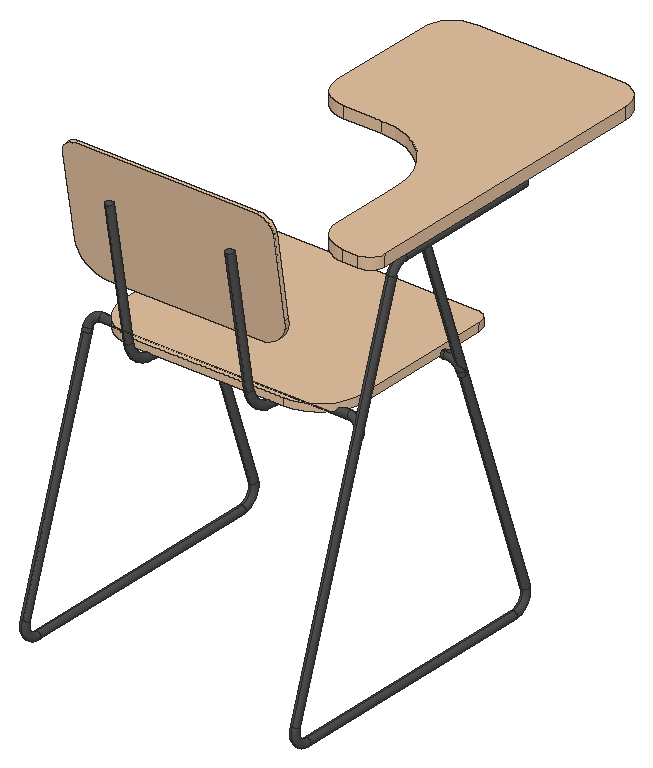
Revit family "825ee531e4d64843b62860ed54b4e874", category Furniture, Revit 2021
Family settings
  OmniClass Number = 23.40.20.14.14.11
  OmniClass Title = Chairs
  Seek Item ID = Chair-Tablet Arm-0000-USA-ENU
  Work Plane-Based = No
  Always vertical = Yes
  Cut with Voids When Loaded = No
  Shared = Yes
  Room Calculation Point = No
Parameters (values of type "Chair-Tablet Arm")
  Default Elevation = 0' - 0"
  Assembly Code = "E2020200"
  Seat/Back Material = Cherry
  Tablet Material = Cherry
Reference planes (in)
  plane 1 "Center (Front/Back)": y = 4.28864
  plane 2: z = 0
  plane 3 "Center (Left/Right)": x = -7.04918
  plane 4: x = 1.95082
  plane 5: x = -16.04918
  plane 6: y = 0.28864
  plane 7: y = 14.28864
  plane 8: y = -5.71136
  plane 9: y = 8.28864
  plane 10 "Top": z = 30.75
  plane 11: z = 17.5
  plane 12: z = 16.5
  plane 13: y = -0.05919
  plane 14: y = 8.63239
  plane 15: through (0, -5.1106, 1.75221) normal (0, -0.9459, 0.3243)
  plane 16: through (0, 12.78567, 4.38366) normal (0, -0.9459, -0.3243)
  plane 17: z = 16.5
  plane 18: y = 8.63239
  plane 19: y = -0.05511
  plane 20: through (0, 0.68926, 0.12154) normal (0, -0.9848, -0.1736)
  plane 21 "Seat": z = 18
  plane 22: x = -3.04918
  plane 23: x = -11.04918
  plane 24: z = 27.75
  plane 25: z = 27.75
  plane 26: y = 22.95594
  plane 27: x = 9.5
  plane 28: x = 13.5
  plane 29 "Table": z = 26.75
Forms (in)
  Sweep 1, solid, material "Steel, Chrome Plated"
    path origin (1.95082, 0, 0) x (0, -1, 0) y (0, 0, 1)
      loop
        line (-5.58325, 25.62147) -> (-13.82647, 1.57875)
        arc (-13.82647, 1.57875) -> (-13.69714, 0.67067) -> (-12.88205, 0.25) r 1
        line (-12.88205, 0.25) -> (4.30476, 0.25)
        arc (4.30476, 0.25) -> (5.11849, 0.66876) -> (5.2507, 1.57432) r 1
        line (5.2507, 1.57432) -> (-2.76237, 24.94579)
        arc (-2.76237, 24.94579) -> (-3.12708, 25.4352) -> (-3.70832, 25.62147) r 1
        line (-3.70832, 25.62147) -> (-13.80537, 25.62147)
    profile origin (1.95082, 4.28865, 0) x (0, 0, 1) y (-1, 0, 0)
      loop
        circle (0.25, 0) r 0.25
  Sweep 2, solid, material "Steel, Chrome Plated"
    path origin (-16.04918, 0, 0) x (0, -1, 0) y (0, 0, 1)
      loop
        line (-8.63159, 16.49972) -> (-13.74887, 1.57432)
        arc (-13.74887, 1.57432) -> (-13.61666, 0.66876) -> (-12.80293, 0.25) r 1
        line (-12.80293, 0.25) -> (4.22565, 0.25)
        arc (4.22565, 0.25) -> (5.03938, 0.66876) -> (5.17159, 1.57432) r 1
        line (5.17159, 1.57432) -> (0.05511, 16.4974)
    profile origin (-16.04918, 4.28864, 0) x (0, 0, 1) y (-1, 0, 0)
      loop
        circle (0.25, 0) r 0.25
  Sweep 3, solid, material "Steel, Chrome Plated"
    path origin (0, -5.1106, 1.75221) x (0, -0.324324, -0.945946) y (1, 0, 0)
      loop
        line (-15.59002, 1.95082) -> (-15.85414, 1.95082)
        arc (-15.85414, 1.95082) -> (-16.38447, 1.73115) -> (-16.60414, 1.20082) r 0.75
        line (-16.60414, 1.20082) -> (-16.60414, -15.29918)
        arc (-16.60414, -15.29918) -> (-16.38447, -15.82951) -> (-15.85414, -16.04918) r 0.75
        line (-15.85414, -16.04918) -> (-15.58777, -16.04918)
    profile origin (-7.04918, -5.1106, 1.75221) x (0, -0.324324, -0.945946) y (0, -0.945946, 0.324324)
      loop
        circle (-16.60414, 0) r 0.25
  Sweep 4, solid, material "Steel, Chrome Plated"
    path origin (0, 12.78567, 4.38366) x (0, 0.324324, -0.945946) y (1, 0, 0)
      loop
        line (-12.80958, 1.95082) -> (-13.16539, 1.95082)
        arc (-13.16539, 1.95082) -> (-13.69572, 1.73115) -> (-13.91539, 1.20082) r 0.75
        line (-13.91539, 1.20082) -> (-13.91539, -15.04918)
        arc (-13.91539, -15.04918) -> (-13.62249, -15.75629) -> (-12.91539, -16.04918) r 1
        line (-12.91539, -16.04918) -> (-12.80841, -16.04918)
    profile origin (-6.92418, 12.78567, 4.38366) x (0, 0.324324, -0.945946) y (0, -0.945946, -0.324324)
      loop
        circle (-13.91539, 0) r 0.25
  Extrusion 5, solid, material "Cherry" <- "Seat/Back Material"
    sketch origin (0, 0.68926, 0.12154) x (0, 0.173648, -0.984808) y (1, 0, 0)
      loop
        arc (-31.16548, -13.04918) -> (-30.87259, -13.75629) -> (-30.16548, -14.04918) r 1
        line (-30.16548, -14.04918) -> (-24.53945, -14.04918)
        arc (-24.53945, -14.04918) -> (-23.12523, -13.46339) -> (-22.53945, -12.04918) r 2
        line (-22.53945, -12.04918) -> (-22.53945, -2.04918)
        arc (-22.53945, -2.04918) -> (-23.12523, -0.63497) -> (-24.53945, -0.04918) r 2
        line (-24.53945, -0.04918) -> (-30.16548, -0.04918)
        arc (-30.16548, -0.04918) -> (-30.87259, -0.34207) -> (-31.16548, -1.04918) r 1
        line (-31.16548, -1.04918) -> (-31.16548, -13.04918)
    from 0 to -0.25
  Extrusion 6, solid, material "Cherry" <- "Seat/Back Material"
    sketch origin (0, 0, 18) x (1, 0, 0) y (0, 1, 0)
      loop
        arc (-14.04918, 12.28864) -> (-14.75629, 11.99575) -> (-15.04918, 11.28864) r 1
        line (-15.04918, 11.28864) -> (-15.04918, 1.78864)
        arc (-15.04918, 1.78864) -> (-14.1705, -0.33268) -> (-12.04918, -1.21136) r 3
        line (-12.04918, -1.21136) -> (-2.04918, -1.21136)
        arc (-2.04918, -1.21136) -> (0.07214, -0.33268) -> (0.95082, 1.78864) r 3
        line (0.95082, 1.78864) -> (0.95082, 11.28864)
        arc (0.95082, 11.28864) -> (0.65793, 11.99575) -> (-0.04918, 12.28864) r 1
        line (-0.04918, 12.28864) -> (-14.04918, 12.28864)
    from -0.5 to 0
  Sweep 7, solid, material "Steel, Chrome Plated"
    path origin (-3.04918, 0, 0) x (0, -1, 0) y (0, 0, 1)
      loop
        line (-8.39629, 17.25) -> (0.9066, 17.25)
        arc (0.9066, 17.25) -> (2.19218, 17.71791) -> (2.87622, 18.9027) r 2
        line (2.87622, 18.9027) -> (4.43624, 27.75)
    profile origin (-3.04918, 3.74484, 0) x (0, 0, 1) y (-1, 0, 0)
      loop
        circle (17.25, 0) r 0.25
  Sweep 8, solid, material "Steel, Chrome Plated"
    path origin (-11.04918, 0, 0) x (0, -1, 0) y (0, 0, 1)
      loop
        line (-8.39629, 17.25) -> (0.9066, 17.25)
        arc (0.9066, 17.25) -> (2.19218, 17.71791) -> (2.87622, 18.9027) r 2
        line (2.87622, 18.9027) -> (4.44782, 27.81571)
    profile origin (-11.04918, 3.74484, 0) x (0, 0, 1) y (-1, 0, 0)
      loop
        circle (17.25, 0) r 0.25
  Extrusion 9, solid, material "Cherry" <- "Tablet Material"
    sketch origin (-11.19326, 0.78864, 0) x (1, 0, 0) y (0, 1, 0)
      loop
        arc (2, 22.95594) -> (0.58579, 22.37015) -> (0, 20.95594) r 2
        line (0, 20.95594) -> (0, 13.90733)
        arc (0, 13.90733) -> (0.58579, 12.49312) -> (2, 11.90733) r 2
        line (2, 11.90733) -> (4.5, 11.90733)
        arc (4.5, 11.90733) -> (8.03553, 10.44287) -> (9.5, 6.90733) r 5
        line (9.5, 6.90733) -> (9.5, 2)
        arc (9.5, 2) -> (10.08579, 0.58579) -> (11.5, 0) r 2
        line (11.5, 0) -> (12.5, 0)
        arc (12.5, 0) -> (13.20711, 0.29289) -> (13.5, 1) r 1
        line (13.5, 1) -> (13.5, 20.95594)
        arc (13.5, 20.95594) -> (12.91421, 22.37015) -> (11.5, 22.95594) r 2
        line (11.5, 22.95594) -> (2, 22.95594)
    from 26 to 26.75
Lines and regions (in)
  Masking region 1
    outline origin (0, 0, 30.75) x (-1, 0, 0) y (0, -1, 0)
      loop
        arc (13.54918, 2.81292) -> (13.90273, 2.95936) -> (14.04918, 3.31292) r 0.5
        line (14.04918, 3.31292) -> (14.04918, 4.47199)
        arc (14.04918, 4.47199) -> (13.90273, 4.82554) -> (13.54918, 4.97199) r 0.5
        line (13.54918, 4.97199) -> (0.54918, 4.97199)
        arc (0.54918, 4.97199) -> (0.19563, 4.82554) -> (0.04918, 4.47199) r 0.5
        line (0.04918, 4.47199) -> (0.04918, 3.31292)
        arc (0.04918, 3.31292) -> (0.19563, 2.95936) -> (0.54918, 2.81292) r 0.5
        line (0.54918, 2.81292) -> (13.54918, 2.81292)
  Masking region 2
    outline origin (0, 0, 18) x (1, 0, 0) y (0, 1, 0)
      loop
        arc (-2.04918, -1.21136) -> (0.07214, -0.33268) -> (0.95082, 1.78864) r 3
        line (0.95082, 1.78864) -> (0.95082, 11.28864)
        arc (0.95082, 11.28864) -> (0.65793, 11.99575) -> (-0.04918, 12.28864) r 1
        line (-0.04918, 12.28864) -> (-4.71654, 12.28864) -> (-14.04918, 12.28864)
        arc (-14.04918, 12.28864) -> (-14.75629, 11.99575) -> (-15.04918, 11.28864) r 1
        line (-15.04918, 11.28864) -> (-15.04918, 8.5969) -> (-15.79918, 8.5969) -> (-15.79918, 13.91262) -> (-16.401, 13.91262) -> (-16.401, -5.294) -> (-15.79918, -5.294) -> (-15.79918, 1.78864) -> (-15.04918, 1.78864)
        arc (-15.04918, 1.78864) -> (-14.1705, -0.33268) -> (-12.04918, -1.21136) r 3
        line (-12.04918, -1.21136) -> (-2.04918, -1.21136)
      loop
        line (-15.04918, 2.45844) -> (-15.04918, 8.00492) -> (-15.79918, 8.00492) -> (-15.79918, 2.45844) -> (-15.04918, 2.45844)
      loop
        line (2.30674, -5.294) -> (2.30674, 1.78864)
        arc (2.30674, 1.78864) -> (2.14163, 1.23822) -> (1.70082, 0.86956) r 1
        line (1.70082, 0.86956) -> (1.70082, -5.294) -> (2.30674, -5.294)
  Masking region 3
    outline origin (0, 0, 30.75) x (-1, 0, 0) y (0, -1, 0)
      loop
        line (11.19326, -21.74458) -> (11.19326, -14.69597)
        arc (11.19326, -14.69597) -> (10.60747, -13.28176) -> (9.19326, -12.69597) r 2
        line (9.19326, -12.69597) -> (6.69326, -12.69597)
        arc (6.69326, -12.69597) -> (3.15772, -11.23151) -> (1.69326, -7.69597) r 5
        line (1.69326, -7.69597) -> (1.69326, -2.78864)
        arc (1.69326, -2.78864) -> (1.10747, -1.37443) -> (-0.30674, -0.78864) r 2
        line (-0.30674, -0.78864) -> (-1.30674, -0.78864)
        arc (-1.30674, -0.78864) -> (-2.01385, -1.08153) -> (-2.30674, -1.78864) r 1
        line (-2.30674, -1.78864) -> (-2.30674, -21.74458)
        arc (-2.30674, -21.74458) -> (-1.72096, -23.15879) -> (-0.30674, -23.74458) r 2
        line (-0.30674, -23.74458) -> (9.19326, -23.74458)
        arc (9.19326, -23.74458) -> (10.60747, -23.15879) -> (11.19326, -21.74458) r 2
  symbolic lines
    curve 1: line (-14.04918, 12.28864, 18) -> (-4.71654, 12.28864, 18)
    curve 2: line (-15.04918, 11.28864, 18) -> (-15.04918, 1.78864, 18)
    curve 3: line (-12.04918, -1.21136, 18) -> (-2.04918, -1.21136, 18)
    curve 4: arc (-14.04918, 12.28864, 18) -> (-14.75629, 11.99575, 18) -> (-15.04918, 11.28864, 18) r 1
    curve 5: arc (-12.04918, -1.21136, 18) -> (-14.1705, -0.33268, 18) -> (-15.04918, 1.78864, 18) r 3
    curve 6: line (-13.54918, -2.81292, 30.75) -> (-0.54918, -2.81292, 30.75)
    curve 7: line (-14.04918, -3.31292, 30.75) -> (-14.04918, -4.47199, 30.75)
    curve 8: line (-13.54918, -4.97199, 30.75) -> (-0.54918, -4.97199, 30.75)
    curve 9: line (-0.04918, -3.31292, 30.75) -> (-0.04918, -4.47199, 30.75)
    curve 10: arc (-13.54918, -2.81292, 30.75) -> (-13.90273, -2.95936, 30.75) -> (-14.04918, -3.31292, 30.75) r 0.5
    curve 11: arc (-13.54918, -4.97199, 30.75) -> (-13.90273, -4.82554, 30.75) -> (-14.04918, -4.47199, 30.75) r 0.5
    curve 12: arc (-0.54918, -2.81292, 30.75) -> (-0.19563, -2.95936, 30.75) -> (-0.04918, -3.31292, 30.75) r 0.5
    curve 13: arc (-0.04918, -4.47199, 30.75) -> (-0.19563, -4.82554, 30.75) -> (-0.54918, -4.97199, 30.75) r 0.5
    curve 14: line (-11.45578, -1.21136, 18) -> (-11.45578, -2.81292, 18)
    curve 15: line (-10.73694, -1.21136, 18) -> (-10.73694, -2.81292, 18)
    curve 16: line (-2.63225, -1.21136, 18) -> (-2.63225, -2.81292, 18)
    curve 17: line (-3.33701, -1.21136, 18) -> (-3.33701, -2.81292, 18)
    curve 18: line (-15.04918, 8.00492, 18) -> (-15.79918, 8.00492, 18)
    curve 19: line (-15.04918, 8.5969, 18) -> (-15.79918, 8.5969, 18)
    curve 20: line (-15.79918, 8.00492, 18) -> (-15.79918, 8.5969, 18)
    curve 21: line (-15.04918, 1.78864, 18) -> (-15.79918, 1.78864, 18)
    curve 22: line (-15.04918, 2.45844, 18) -> (-15.79918, 2.45844, 18)
    curve 23: line (-15.79918, 1.78864, 18) -> (-15.79918, 2.45844, 18)
    curve 24: line (-16.401, -5.294, 18) -> (-15.79918, -5.294, 18)
    curve 25: line (-16.401, 13.91262, 18) -> (-16.401, -5.294, 18)
    curve 26: line (-15.79918, 13.91262, 18) -> (-16.401, 13.91262, 18)
    curve 27: line (-15.79918, -5.294, 18) -> (-15.79918, 13.91262, 18)
    curve 28: line (2.30674, -5.294, 18) -> (1.70082, -5.294, 18)
    curve 29: line (2.30674, 21.74458, 26.75) -> (2.30674, 1.78864, 26.75)
    curve 30: line (1.70082, -5.294, 18) -> (1.70082, 0.86956, 18)
    curve 31: line (0.30674, 23.74458, 26.75) -> (-9.19326, 23.74458, 26.75)
    curve 32: arc (0.30674, 23.74458, 26.75) -> (1.72096, 23.15879, 26.75) -> (2.30674, 21.74458, 26.75) r 2
    curve 33: arc (-11.19326, 21.74458, 26.75) -> (-10.60747, 23.15879, 26.75) -> (-9.19326, 23.74458, 26.75) r 2
    curve 34: line (-11.19326, 21.74458, 26.75) -> (-11.19326, 14.69597, 26.75)
    curve 35: arc (-11.19326, 14.69597, 26.75) -> (-10.60747, 13.28176, 26.75) -> (-9.19326, 12.69597, 26.75) r 2
    curve 36: line (-9.19326, 12.69597, 26.75) -> (-6.69326, 12.69597, 26.75)
    curve 37: arc (-6.69326, 12.69597, 26.75) -> (-3.15772, 11.23151, 26.75) -> (-1.69326, 7.69597, 26.75) r 5
    curve 38: line (-1.69326, 7.69597, 26.75) -> (-1.69326, 2.78864, 26.75)
    curve 39: line (0.30674, 0.78864, 26.75) -> (1.30674, 0.78864, 26.75)
    curve 40: arc (1.30674, 0.78864, 26.75) -> (2.01385, 1.08153, 26.75) -> (2.30674, 1.78864, 26.75) r 1
    curve 41: arc (-1.69326, 2.78864, 26.75) -> (-1.10747, 1.37443, 26.75) -> (0.30674, 0.78864, 26.75) r 2
    curve 42: arc (0.76232, 0.742, 18) -> (-0.33744, -0.67509, 18) -> (-2.04918, -1.21136, 18) r 3
    curve 43: line (2.30674, 1.706, 18) -> (2.30674, -5.294, 18)
Dimensions and locks (in)
  equal spacing: plane 5, plane 3 "Center (Left/Right)", plane 4
  locked: plane 5 to plane 4 at 18
  equal spacing: plane 8, plane 1 "Center (Front/Back)", plane 7
  locked: plane 8 to plane 7 at 20
Automatic sketch dimensions
  plane 4 to Masking region 1 sketch curve = 0' - 2"
  Masking region 1 sketch curve to Masking region 1 sketch curve = 0' - 0 1/2"  (x3)
  Masking region 1 sketch curve to plane 5 = 0' - 2 1/2"
  Masking region 1 sketch curve to plane 8 = 0' - 0.73937"
  Masking region 1 sketch curve to Masking region 1 sketch curve = 0' - 0"
  Masking region 1 sketch curve to Masking region 1 sketch curve = 0' - 1.15907"
  plane 4 to curve 9 = 0' - 2"
  curve 9 to curve 12 = 0' - 0 1/2"
  curve 9 to curve 13 = 0' - 0 1/2"
  curve 11 to plane 8 = 0' - 1.23937"
  curve 11 to plane 5 = 0' - 2 1/2"
  curve 10 to curve 11 = 0' - 0"
  curve 11 to curve 7 = 0' - 0 1/2"
  curve 10 to curve 11 = 0' - 1.15907"
  curve 41 to plane 6 = 0' - 0 1/2"
  curve 29 to plane 4 = 0' - 0.35592"
  curve 39 to curve 29 = 0' - 1"
  curve 39 to curve 40 = 0' - 1"
  plane 1 "Center (Front/Back)" to curve 41 = 0' - 1 1/2"
  plane 9 to curve 37 = 0' - 0.59267"
  plane 3 "Center (Left/Right)" to curve 37 = 0' - 0.35592"
  curve 35 to plane 7 = 0' - 0.40733"
  plane 23 to curve 34 = 0' - 0.14408"
  curve 35 to curve 34 = 0' - 7.0486"
  plane 4 to curve 32 = 0' - 1.64408"
  curve 40 to curve 41 = 0' - 1"
  curve 31 to plane 23 = 0' - 1.85592"
  Masking region 2 sketch curve to plane 4 = 0' - 0.35592"
  plane 4 to Masking region 2 sketch curve = 0' - 0 1/4"
  plane 4 to Masking region 2 sketch curve = 0' - 0.64408"
  plane 4 to Masking region 2 sketch curve = 0' - 1"
  Masking region 2 sketch curve to Masking region 2 sketch curve = 0' - 1"  (x2)
  Masking region 2 sketch curve to plane 22 = 0' - 1"
  plane 22 to Masking region 2 sketch curve = 0' - 1.66736"
  plane 23 to Masking region 2 sketch curve = 0' - 1"
  Masking region 2 sketch curve to plane 5 = 0' - 2"
  Masking region 2 sketch curve to plane 5 = 0' - 1"
  Masking region 2 sketch curve to Masking region 2 sketch curve = 0' - 0"  (x2)
  Masking region 2 sketch curve to plane 5 = 0' - 0 1/4"  (x3)
  plane 5 to Masking region 2 sketch curve = 0' - 0.35182"
  plane 7 to Masking region 2 sketch curve = 0' - 0.37602"
  plane 7 to Masking region 2 sketch curve = 0' - 2"
  Masking region 2 sketch curve to plane 9 = 0' - 0.30826"
  plane 9 to Masking region 2 sketch curve = 0' - 0.28372"
  plane 1 "Center (Front/Back)" to Masking region 2 sketch curve = 0' - 1.8302"
  Masking region 2 sketch curve to Masking region 2 sketch curve = 0' - 0.6698"
  Masking region 2 sketch curve to plane 8 = 0' - 0.41736"  (x2)
  Masking region 3 sketch curve to plane 4 = 0' - 0.35592"
  plane 4 to Masking region 3 sketch curve = 0' - 0.64408"
  plane 4 to Masking region 3 sketch curve = 0' - 1.64408"
  Masking region 3 sketch curve to Masking region 3 sketch curve = 0' - 1"
  plane 9 to Masking region 3 sketch curve = 0' - 0.59267"
  Masking region 3 sketch curve to plane 22 = 0' - 1.35592"
  plane 3 "Center (Left/Right)" to Masking region 3 sketch curve = 0' - 0.35592"
  Masking region 3 sketch curve to plane 23 = 0' - 1.85592"  (x2)
  plane 23 to Masking region 3 sketch curve = 0' - 0.14408"
  Masking region 3 sketch curve to Masking region 3 sketch curve = 0' - 7.0486"
  Masking region 3 sketch curve to plane 6 = 0' - 1 1/2"
  plane 5 to curve 24 = 0' - 0.35182"
  curve 26 to plane 5 = 0' - 0 1/4"
  curve 19 to plane 5 = 0' - 0 1/4"
  curve 23 to plane 5 = 0' - 0 1/4"
  curve 19 to plane 9 = 0' - 0.30826"
  curve 19 to curve 19 = 0' - 0 3/4"
  plane 9 to curve 18 = 0' - 0.28372"
  plane 23 to curve 5 = 0' - 1"
  plane 23 to curve 14 = 0' - 0.4066"
  curve 15 to plane 23 = 0' - 0.31224"
  plane 22 to curve 17 = 0' - 0.28783"
  curve 16 to plane 22 = 0' - 0.41693"
  curve 42 to plane 22 = 0' - 1"
  curve 42 to plane 6 = 0' - 0.45336"
  plane 4 to curve 42 = 0' - 1.1885"
  plane 6 to curve 42 = 0' - 1 1/2"
  curve 17 to curve 17 = 0' - 1 77/128"
  curve 16 to curve 17 = 0' - 0"
  curve 15 to curve 15 = 0' - 1 77/128"
  curve 14 to curve 15 = 0' - 0"
  curve 25 to plane 8 = 0' - 0.41736"
  curve 2 to curve 22 = 0' - 0.6698"
  plane 7 to curve 27 = 0' - 0.37602"
  curve 2 to curve 4 = 0' - 1"
  plane 22 to curve 1 = 0' - 1.66736"
  plane 7 to curve 1 = 0' - 2"
  plane 4 to curve 30 = 0' - 0 1/4"
  curve 43 to plane 4 = 0' - 0.35592"
  curve 43 to plane 8 = 0' - 0.41736"
  curve 30 to plane 6 = 0' - 0.58092"
  curve 30 to curve 43 = 0' - 0.83644"
